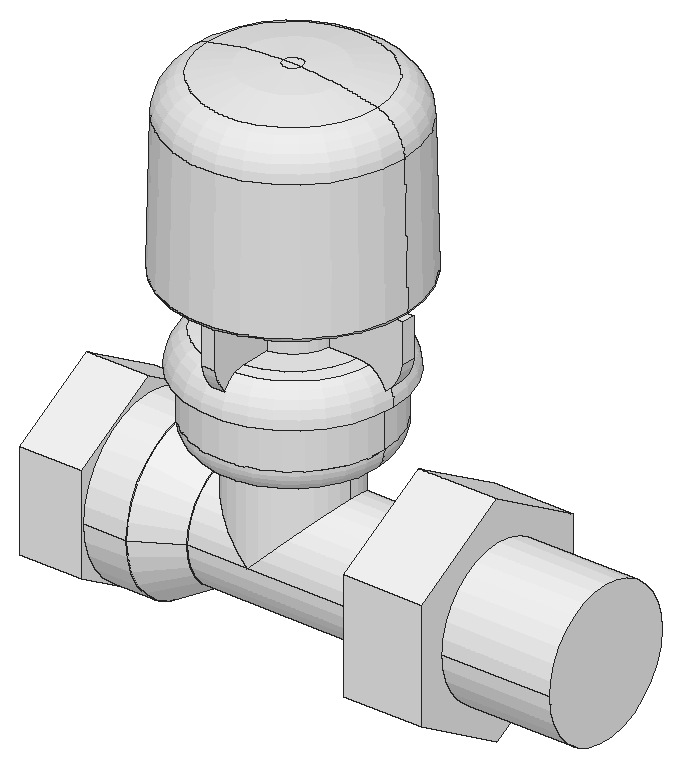
Revit family "RA-IN_Straight_DN25_D_Aero_RFA-1", category Pipe Accessories, Revit 2019 (continued)
Definition of nested family "Schematic_TRV_Sensor_Straight"
  Parameters (values of type "Schematic_TRV_Sensor_Straight")
    D = 35.00 mm
  Reference planes
    plane 1 "Center (Front/Back)": y = 0
    plane 2: z = 0
    plane 3 "Center (Left/Right)": x = 0
    plane 4: z = 17.5
    plane 5: z = -17.5
    plane 6: z = 76
    plane 7: x = 40
    plane 8: x = -40
    plane 9: y = 17.5
    plane 10: y = -17.5
    plane 11: y = 76
    plane 12: z = 48
    plane 13: x = -8.4
    plane 14: x = 8.4
    plane 15: y = 48
    plane 16: z = 70.4
    plane 17: x = -5.289
    plane 18: x = 5.289
    plane 19: z = 53.6
    plane 20: y = 70.4
    plane 21: y = 53.6
    plane 22 "centerline": z = 0
  Lines and regions (mm)
    model lines
      curve 1: line (0, 0, 48) -> (0, 0, 0)
      curve 2: line (0, 0, 0) -> (-40, 0, 17.5)
      curve 3: line (-40, 0, 17.5) -> (-40, 0, -17.5)
      curve 4: line (-40, 0, -17.5) -> (0, 0, 0)
      curve 5: line (0, 0, 0) -> (40, 0, 17.5)
      curve 6: line (40, 0, 17.5) -> (40, 0, -17.5)
      curve 7: line (40, 0, -17.5) -> (0, 0, 0)
      curve 15: line (-8.4, 0, 76) -> (8.4, 0, 76)
      curve 16: line (-8.4, 0, 48) -> (-8.4, 0, 76)
      curve 17: line (8.4, 0, 48) -> (-8.4, 0, 48)
      curve 18: line (8.4, 0, 76) -> (8.4, 0, 48)
      curve 23: line (-5.289, 0, 70.4) -> (5.289, 0, 70.4)
      curve 24: line (0, 0, 53.6) -> (0, 0, 70.4)
    symbolic lines
      curve 8: line (40, 17.5, 0) -> (40, -17.5, 0)
      curve 9: line (-40, 17.5, 0) -> (-40, -17.5, 0)
      curve 10: line (-40, 17.5, 0) -> (0, 0, 0)
      curve 11: line (0, 0, 0) -> (-40, -17.5, 0)
      curve 12: line (0, 0, 0) -> (40, -17.5, 0)
      curve 13: line (0, 0, 0) -> (40, 17.5, 0)
      curve 14: line (0, 48, 0) -> (0, 0, 0)
      curve 19: line (-8.4, 76, 0) -> (8.4, 76, 0)
      curve 20: line (-8.4, 48, 0) -> (-8.4, 76, 0)
      curve 21: line (8.4, 48, 0) -> (-8.4, 48, 0)
      curve 22: line (8.4, 76, 0) -> (8.4, 48, 0)
      curve 25: line (-5.289, 70.4, 0) -> (5.289, 70.4, 0)
      curve 26: line (0, 53.6, 0) -> (0, 70.4, 0)
  Dimensions and locks
    "D": plane 4 to plane 5
    equal spacing: plane 4, level, plane 5
    equal spacing: plane 7, plane 3 "Center (Left/Right)", plane 8
    "D": plane 10 to plane 9
    equal spacing: plane 10, plane 1 "Center (Front/Back)", plane 9
    "L": plane 7 to plane 8
    "LA": plane 14 to plane 13
    equal spacing: plane 14, plane 3 "Center (Left/Right)", plane 13
    "HA": plane 6 to plane 12
    "HA": plane 15 to plane 11
    "HA_1": plane 6 to plane 16
    "LA_1": plane 17 to plane 13
    "LA_1": plane 14 to plane 18
    "HA_2": plane 6 to plane 19
    "HA_1": plane 20 to plane 11
    "HA_2": plane 21 to plane 11
    "HT": plane 12 to level
    "HT": plane 1 "Center (Front/Back)" to plane 15
    aligned and locked: level to plane 2
    aligned and locked: curve 9 to plane 8
    aligned and locked: curve 8 to plane 7
    aligned and locked: curve 14 to plane 3 "Center (Left/Right)"
    aligned and locked: plane 12 to curve 1
    aligned and locked: curve 15 to plane 6
    aligned and locked: plane 13 to curve 16
    aligned and locked: plane 12 to curve 17
    aligned and locked: curve 18 to plane 14
    aligned and locked: plane 15 to curve 14
    aligned and locked: plane 17 to curve 23
    aligned and locked: plane 18 to curve 23
    aligned and locked: curve 23 to plane 16
    aligned and locked: plane 3 "Center (Left/Right)" to curve 24
    aligned and locked: plane 19 to curve 24
    aligned and locked: plane 16 to curve 24
    aligned and locked: level to curve 1
    aligned and locked: plane 1 "Center (Front/Back)" to curve 14
  Automatic sketch dimensions
    curve 4 to plane 5 = 0.00 mm
    curve 4 to plane 8 = 0.00 mm
    curve 5 to level = 0.00 mm
    curve 5 to plane 3 "Center (Left/Right)" = 0.00 mm
    curve 6 to plane 4 = 0.00 mm
    curve 6 to plane 7 = 0.00 mm
    curve 7 to plane 5 = 0.00 mm
    curve 7 to level = 0.00 mm
    curve 3 to plane 4 = 0.00 mm
    curve 21 to plane 13 = 0.00 mm
    curve 25 to plane 17 = 0.00 mm
    curve 26 to plane 3 "Center (Left/Right)" = 0.00 mm
    curve 25 to plane 18 = 0.00 mm
    curve 21 to plane 14 = 0.00 mm
    plane 10 to curve 12 = 0.00 mm
    plane 10 to curve 9 = 0.00 mm
    plane 9 to curve 9 = 0.00 mm
    plane 9 to curve 13 = 0.00 mm
    curve 26 to plane 21 = 0.00 mm
    curve 25 to plane 20 = 0.00 mm
    curve 26 to plane 20 = 0.00 mm
    plane 11 to curve 19 = 0.00 mm
